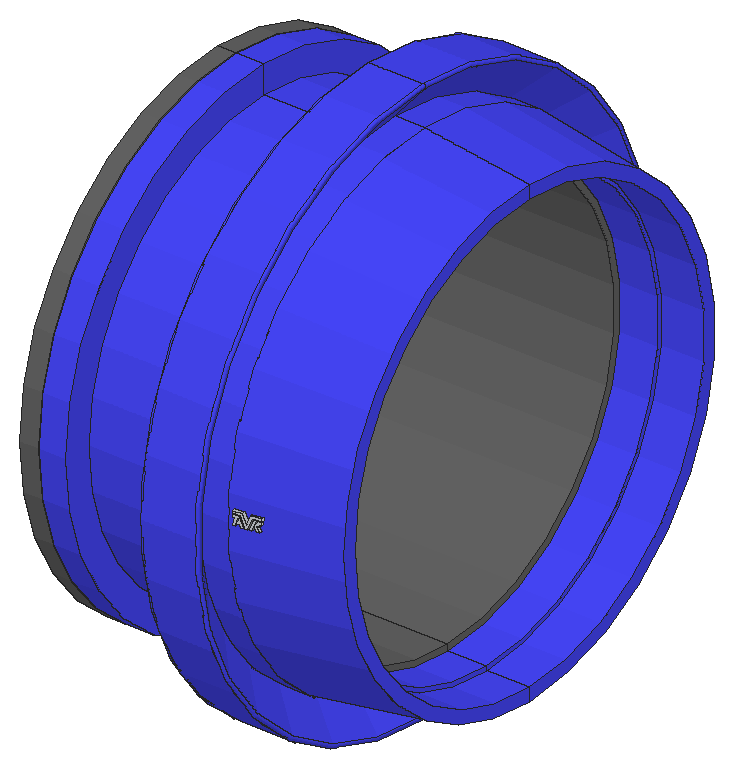
Revit family "05-26-001-DN50-300", category Pipe Accessories, Revit 2022
Family settings
  Round Connector Dimension = Use Diameter
  Part Type = Valve - Breaks Into
  Work Plane-Based = No
  Always vertical = Yes
  Cut with Voids When Loaded = No
  Shared = No
Parameters (values of type "DN300_ PN10")
  Thickness1 = size_lookup(Search_table, "Thickness1", 0 mm, DN)  # 45 mm
  Search_table = "05-26-001-DN50-300"
  L9 = size_lookup(Search_table, "L9", 0 mm, DN)  # 162 mm
  L4 = 0 mm
  L2 = L * 1.5  # 190.5 mm
  L1 = L9 * 1.3  # 210.6 mm
  L/2 = L / 2  # 63.5 mm
  L = size_lookup(Search_table, "L", 0 mm, DN)  # 127 mm
  Thickness = size_lookup(Search_table, "Thickness", 0 mm, DN)  # 36 mm
  Flange_H = (D - Dd) * 0.15  # 8.925 mm
  FL_T = Thickness1 / 2  # 22.5 mm
  Epdm = Thickness * 0.4  # 14.4 mm
  Dd = size_lookup(Search_table, "Dd", 0 mm, DN) / 2  # 163 mm
  DN050_ PN10/16 = "05-066-26-0502104"
  DN080_ PN10/16 = "05-098-26-0802104"
  DN065_ PN10/16 = "05-082-26-0652104"
  DN060_ PN10/16 = "05-077-26-0602204"
  Description_ = "AVK COMBI-FLANGE FOR D.I. PIPES, PN 10/16"
  Default Elevation = 0 mm
  DN300_ PN16 = "05-326-26-3004404"
  DN300_ PN10 = "05-326-26-3002404"
  DN250_ PN16 = "05-274-26-2504404"
  DN250_ PN10 = "05-274-26-2502404"
  DN200_ PN16 = "05-222-26-2004404"
  DN200_ PN10 = "05-222-26-2002404"
  DN150_ PN10/16 = "05-170-26-1502104"
  DN125_ PN10/16 = "05-144-26-1252104"
  DN100_ PN10/16 = "05-118-26-1002104"
  DN = 300 mm
  URL_product_pages = "https://www.avkvalves.com/P.aspx?no=05066260502104"
  8 = 10 mm  # constant formula
  5 = 5 mm  # constant formula
  1 = 1 mm  # constant formula
  (D-Dd)1 = (D - Dd) * 0.35  # 20.825 mm
  D = size_lookup(Search_table, "D", 0 mm, DN) / 2  # 222.5 mm
  Bore = size_lookup(Search_table, "Bore", 0 mm, DN)  # 150 mm
  3 = 3 mm  # constant formula
Types (14, lengths in mm): name | Thickness1 | L9 | L2 | L1 | L/2 | L | Thickness | Flange_H | FL_T | Epdm | Dd | DN | (D-Dd)1 | D | Bore
  (no name) | 45 | 162 | 190.5 | 210.6 | 63.5 | 127 | 36 | 8.925 | 22.5 | 14.4 | 163 | 300 | 20.825 | 222.5 | 150
  DN050_ PN10/16 | 20 | 48 | 72 | 62.4 | 24 | 48 | 12 | 7.425 | 10 | 4.8 | 33 | 50 | 17.325 | 82.5 | 25
  DN060_ PN10/16 | 22 | 57 | 72 | 74.1 | 24 | 48 | 14 | 7.35 | 11 | 5.6 | 38.5 | 60 | 17.15 | 87.5 | 30
  DN065_ PN10/16 | 23 | 54 | 75 | 70.2 | 25 | 50 | 14 | 7.725 | 11.5 | 5.6 | 41 | 65 | 18.025 | 92.5 | 32.5
  DN080_ PN10/16 | 24 | 47 | 81 | 61.1 | 27 | 54 | 12 | 7.65 | 12 | 4.8 | 49 | 80 | 17.85 | 100 | 40
  DN100_ PN10/16 | 25 | 47 | 100.5 | 61.1 | 33.5 | 67 | 12 | 7.65 | 12.5 | 4.8 | 59 | 100 | 17.85 | 110 | 50
  DN125_ PN10/16 | 26 | 68 | 114 | 88.4 | 38 | 76 | 18 | 7.95 | 13 | 7.2 | 72 | 125 | 18.55 | 125 | 62.5
  DN150_ PN10/16 | 27 | 67 | 109.5 | 87.1 | 36.5 | 73 | 18 | 8.625 | 13.5 | 7.2 | 85 | 150 | 20.125 | 142.5 | 75
  DN200_ PN10 | 32 | 62 | 130.5 | 80.6 | 43.5 | 87 | 18 | 8.85 | 16 | 7.2 | 111 | 200 | 20.65 | 170 | 100
  DN200_ PN16 | 32 | 68 | 130.5 | 88.4 | 43.5 | 87 | 18 | 8.85 | 16 | 7.2 | 111 | 200.1 | 20.65 | 170 | 100
  DN250_ PN10 | 40 | 158 | 181.5 | 205.4 | 60.5 | 121 | 25 | 9.075 | 20 | 10 | 137 | 250 | 21.175 | 197.5 | 125
  DN250_ PN16 | 40 | 158 | 184.5 | 205.4 | 61.5 | 123 | 25 | 9.825 | 20 | 10 | 137 | 250.1 | 22.925 | 202.5 | 125
  DN300_ PN10 | 45 | 162 | 190.5 | 210.6 | 63.5 | 127 | 36 | 8.925 | 22.5 | 14.4 | 163 | 300 | 20.825 | 222.5 | 150
  DN300_ PN16 | 45 | 162 | 190.5 | 210.6 | 63.5 | 127 | 36 | 10.05 | 22.5 | 14.4 | 163 | 300.1 | 23.45 | 230 | 150
Reference planes
  plane 1 "Center (Front/Back)": y = 0
  plane 2: z = 0
  plane 3 "Center (Left/Right)": x = 0
  plane 4: z = 222.5
  plane 5: z = -222.5
  plane 6: x = -117
  plane 7: x = 127
  plane 8: z = 150
  plane 9: z = -150
  plane 10: y = 222.5
  plane 11: y = -222.5
  plane 12: y = 163
  plane 13: y = -163
  plane 14: z = 163
  plane 15: z = -163
  plane 16: z = 183.825
  plane 17: z = 192.75
  plane 18: z = 183.825
  plane 19: x = 45
  plane 20: z = 132.65
  plane 21: z = 184.825
  plane 22: z = 168
  plane 23: z = 168
  plane 24: z = 171
Forms (mm)
  Revolve 1, solid, material "Default"
    sketch origin (0, 0, 0) x (1, 0, 0) y (0, 0, 1)
      loop
        line (-117, 192.75) -> (-117, 163) -> (63.5, 163) -> (63.5, 168) -> (-102.6, 168) -> (-102.6, 192.75) -> (-117, 192.75)
      axis (-117, 0) -> (63.5, 0)
    angle from 0 to 360
  Revolve 2, solid, material "Default Wall"
    sketch origin (0, 0, 0) x (1, 0, 0) y (0, 0, 1)
      loop
        line (-102.6, 192.75) -> (-102.6, 168) -> (93.6, 168) -> (93.6, 171) -> (-81, 171) -> (-81, 192.75) -> (-102.6, 192.75)
      axis (-102.6, 0) -> (93.6, 0)
    angle from 0 to 360
  Revolve 3, solid, material "Default Wall"
    sketch origin (0, 0, 0) x (1, 0, 0) y (0, 0, 1)
      loop
        arc (1.502, 222.5) -> (0.001, 221.049) -> (1.4, 219.5) r 1.502
        line (1.4, 219.5) -> (6.472, 219.5)
        arc (6.472, 219.5) -> (21.011, 210.217) -> (18.71, 193.121) r 16.028
        line (18.71, 193.121) -> (0, 171) -> (3, 171) -> (45, 219.277)
        arc (45, 219.277) -> (45.303, 221.361) -> (43.532, 222.5) r 1.946
        line (43.532, 222.5) -> (1.502, 222.5)
      axis (0, 0) -> (45, 0)
    angle from 0 to 360
  Revolve 4, solid, material "Default Wall"
    sketch origin (0, 0, 0) x (1, 0, 0) y (0, 0, 1)
      loop
        arc (10.7, 192.4) -> (0, 181.7) -> (10.7, 171) r 10.7
        line (10.7, 171) -> (127, 171) -> (127, 181) -> (45, 192.4) -> (10.7, 192.4)
      axis (10.7, 0) -> (127, 0)
    angle from 0 to 360
Dimensions and locks
  equal spacing: plane 4, level, plane 5
  equal spacing: plane 8, level, plane 9
  equal spacing: plane 10, plane 1 "Center (Front/Back)", plane 11
  equal spacing: plane 12, plane 1 "Center (Front/Back)", plane 13
  "Bore": plane 8 to level
  "D": plane 4 to level
  equal spacing: plane 14, level, plane 15
  "Dd": plane 14 to level
  "L": plane 7 to plane 3 "Center (Left/Right)"
  "D": plane 1 "Center (Front/Back)" to plane 11
  "Dd": plane 1 "Center (Front/Back)" to plane 13
  "Epdm": Revolve 1 sketch curve to plane 6
  "(D-Dd)1": plane 16 to plane 14
  "Flange_H": Revolve 1 sketch curve to plane 16
  "Flange_H": plane 17 to plane 16
  "Epdm": Revolve 2 sketch curve to plane 6
  "(D-Dd)1": plane 18 to plane 14
  "Thickness": Revolve 2 to plane 6
  "Flange_H": Revolve 2 sketch curve to plane 18
  "L1": Revolve 2 sketch curve to plane 6
  "Thickness1": plane 19 to plane 3 "Center (Left/Right)"
  "L9": plane 19 to plane 6
  "L/2": plane 7 to Revolve 1 sketch curve
  "1": plane 21 to plane 18
  "Dd": Revolve 1 sketch curve to level
  "5": Revolve 1 sketch curve to plane 14
  "5": plane 22 to plane 14
  "3": Revolve 2 sketch curve to plane 22
  "5": plane 23 to plane 14
  "3": plane 24 to plane 23
  "L": plane 7 to Revolve 4 sketch curve
  "Thickness1": Revolve 3 sketch curve to plane 3 "Center (Left/Right)"
  "Thickness1": plane 19 to Revolve 3 sketch curve  (x2)
  "3": Revolve 3 sketch curve to plane 3 "Center (Left/Right)"
  "3": plane 4 to Revolve 3 sketch curve
  "FL_T": Revolve 3 sketch curve to plane 3 "Center (Left/Right)"
  plane 4 to plane 5 = 445 mm
  plane 19 to plane 6 = 162 mm
  plane 7 to plane 3 "Center (Left/Right)" = 127 mm
  plane 14 to plane 15 = 326 mm
  "8": Revolve 4 sketch curve to plane 24
  "Thickness1": Revolve 4 sketch curve to plane 3 "Center (Left/Right)"
  aligned and locked: level to plane 2
  aligned and locked: Revolve 1 sketch curve to level
  aligned and locked: Revolve 1 sketch curve to plane 6
  aligned and locked: Revolve 2 sketch curve to level
  aligned and locked: Revolve 3 sketch curve to plane 4
  aligned and locked: Revolve 3 sketch curve to level
  aligned and locked: Revolve 4 sketch curve to level
  aligned and locked: plane 22 to Revolve 2 sketch curve
  aligned and locked: plane 24 to Revolve 4 sketch curve
  aligned and locked: Revolve 3 sketch curve to plane 24
  aligned and locked: Revolve 4 sketch curve to plane 7
Automatic sketch dimensions
  plane 6 to Revolve 1 sketch curve = 9.387 mm
  Revolve 1 sketch curve to plane 7 = 10.153 mm
  Revolve 2 sketch curve to Revolve 2 sketch curve = 21.6 mm
  Revolve 2 sketch curve to plane 6 = 64.996 mm
  plane 3 "Center (Left/Right)" to Revolve 2 sketch curve = 3.004 mm
  plane 3 "Center (Left/Right)" to Revolve 3 sketch curve = 1.4 mm
  Revolve 3 sketch curve to Revolve 3 sketch curve = 5.072 mm
  Revolve 3 sketch curve to plane 19 = 1.468 mm
  Revolve 3 sketch curve to plane 6 = 29.826 mm
  Revolve 3 sketch curve to Revolve 3 sketch curve = 60 mm
  Revolve 4 sketch curve to plane 18 = 2.125 mm
  Revolve 4 sketch curve to plane 6 = 26.298 mm
  Revolve 4 sketch curve to Revolve 4 sketch curve = 40 mm
Nested families
  nested 1: "Avk logo smaller1" at (59.443, -190.308, 5.673) x (0.9905, 0.1376, -0.0041) z (0.1377, -0.99, 0.0295), type "Avk logo smaller1"
Connectors
  piping at (-117, 0, 0), diameter 300, driven by "DN"
    settings: on Revolve 1, index 1, connector inside diameter 609.6 mm, connector length 0 mm, flow factor 0, pipe flow 0.0 L/s, pressure drop 0.0 Pa, fitting loss kfactor 0, connector angle 0.00°, fixture units 0, engagement length 0 mm, angle of deflection 0.00°, flow configuration 0, flow direction 0, fitting loss method 0, system type 7, joint type 0, gender type 0, connector reference index -1, connector utility 0, adjustable connector no, is connector primary yes, connector description ""
  piping at (127, 0, 0), diameter 300, driven by "DN"
    settings: on Revolve 4, index 2, connector inside diameter 609.6 mm, connector length 0 mm, flow factor 0, pipe flow 0.0 L/s, pressure drop 0.0 Pa, fitting loss kfactor 0, connector angle 0.00°, fixture units 0, engagement length 0 mm, angle of deflection 0.00°, flow configuration 0, flow direction 0, fitting loss method 0, system type 7, joint type 0, gender type 0, connector reference index -1, connector utility 0, adjustable connector no, is connector primary no, connector description ""
Definition of nested family "Avk logo smaller1"
  Parameters (values of type "Avk logo smaller1")
    Default Elevation = 10 mm  # constant formula
    5 = 5 mm  # constant formula
    10 = 10 mm  # constant formula
    1 = 1 mm  # constant formula
  Reference planes
    plane 1 "Center (Front/Back)": y = 0
    plane 2: z = 0
    plane 3 "Center (Left/Right)": x = 0
    plane 4: z = -5
    plane 5: y = 5
    plane 6: x = 10
    plane 7: x = -10
    plane 8: y = -5
  Forms (mm)
    Extrusion 1, solid
      sketch origin (0, 0, 0) x (1, 0, 0) y (0, 1, 0)
        loop
          line (-26.697, 30) -> (-26.697, -20.859) -> (26.519, -20.859) -> (26.519, 30) -> (-26.697, 30)
      from 0 to -13.628
    Extrusion 2, solid
      sketch origin (0.726, 0, 0) x (1, 0, 0) y (0, 1, 0)
        loop
          line (-10.726, 5) -> (-10.726, 3.049) -> (-4.87, 3.049) -> (-1.624, -5) -> (0.402, -5) -> (3.491, 3.049) -> (9.911, 3.049) -> (9.911, 5) -> (1.941, 5) -> (-0.627, -1.891) -> (-3.272, 5) -> (-10.726, 5)
        loop
          line (-10.726, 2.311) -> (-10.726, 0.229) -> (-8.927, 0.229) -> (-10.658, -5) -> (-8.613, -5) -> (-8.045, -3.593) -> (-5.189, -3.593) -> (-4.46, -5) -> (-2.401, -5) -> (-5.284, 2.311) -> (-10.726, 2.311)
        loop
          line (-7.637, -1.797) -> (-5.952, -1.797) -> (-6.807, 0.432) -> (-7.637, -1.797)
        loop
          line (1.381, -5) -> (3.416, -5) -> (4.458, -2.017) -> (6.333, -5) -> (8.907, -5) -> (6.715, -1.581)
          arc (6.715, -1.581) -> (8.018, -0.944) -> (8.873, 0.229) r 3.014
          line (8.873, 0.229) -> (9.911, 0.229) -> (9.911, 2.311) -> (7.594, 2.311)
          arc (7.594, 2.311) -> (6.805, 0.579) -> (5.137, -0.337) r 3.018
          line (5.137, -0.337) -> (6.207, 2.311) -> (4.172, 2.311) -> (1.381, -5)
      from 0 to 2
  Dimensions and locks
    "5": level to plane 4
    equal spacing: plane 8, plane 1 "Center (Front/Back)", plane 5
    equal spacing: plane 7, plane 3 "Center (Left/Right)", plane 6
    "5": plane 1 "Center (Front/Back)" to plane 5
    "10": plane 7 to plane 3 "Center (Left/Right)"
    aligned and locked: plane 2 to Extrusion 1
    aligned and locked: level to Extrusion 1
    aligned and locked: Extrusion 2 sketch curve to Extrusion 2 sketch curve  (x10)
    aligned and locked: Extrusion 2 to plane 8
    aligned and locked: plane 5 to Extrusion 2
    aligned and locked: Extrusion 2 to plane 7
  Automatic sketch dimensions
    Extrusion 1 sketch curve to Extrusion 1 sketch curve = 53.215 mm
    Extrusion 1 sketch curve to Extrusion 1 sketch curve = 50.859 mm
    Extrusion 2 sketch curve to plane 5 = 0 mm
    Extrusion 2 sketch curve to plane 7 = 0 mm
    Extrusion 2 sketch curve to plane 8 = 0 mm
    plane 7 to Extrusion 2 sketch curve = 0.068 mm
    Extrusion 2 sketch curve to plane 1 "Center (Front/Back)" = 0.229 mm  (x2)
    plane 7 to Extrusion 2 sketch curve = 1.798 mm
    Extrusion 2 sketch curve to Extrusion 2 sketch curve = 2.044 mm
    Extrusion 2 sketch curve to Extrusion 2 sketch curve = 0.569 mm
    Extrusion 2 sketch curve to Extrusion 2 sketch curve = 0.407 mm
    Extrusion 2 sketch curve to plane 1 "Center (Front/Back)" = 0.432 mm
    Extrusion 2 sketch curve to Extrusion 2 sketch curve = 2.12 mm
    plane 1 "Center (Front/Back)" to Extrusion 2 sketch curve = 1.797 mm
    Extrusion 2 sketch curve to Extrusion 2 sketch curve = 1.686 mm
    Extrusion 2 sketch curve to Extrusion 2 sketch curve = 1.523 mm
    plane 8 to Extrusion 2 sketch curve = 1.407 mm
    Extrusion 2 sketch curve to Extrusion 2 sketch curve = 0.762 mm
    Extrusion 2 sketch curve to plane 5 = 1.951 mm
    Extrusion 2 sketch curve to Extrusion 2 sketch curve = 0.414 mm
    Extrusion 2 sketch curve to Extrusion 2 sketch curve = 0.73 mm
    Extrusion 2 sketch curve to Extrusion 2 sketch curve = 1.599 mm
    Extrusion 2 sketch curve to plane 3 "Center (Left/Right)" = 1.676 mm
    Extrusion 2 sketch curve to Extrusion 2 sketch curve = 0.777 mm
    plane 3 "Center (Left/Right)" to Extrusion 2 sketch curve = 0.099 mm
    plane 3 "Center (Left/Right)" to Extrusion 2 sketch curve = 1.127 mm
    Extrusion 2 sketch curve to Extrusion 2 sketch curve = 0.979 mm
    plane 3 "Center (Left/Right)" to Extrusion 2 sketch curve = 2.666 mm
    Extrusion 2 sketch curve to Extrusion 2 sketch curve = 2.035 mm
    Extrusion 2 sketch curve to Extrusion 2 sketch curve = 1.551 mm
    Extrusion 2 sketch curve to plane 1 "Center (Front/Back)" = 2.311 mm
    Extrusion 2 sketch curve to Extrusion 2 sketch curve = 0.681 mm
    plane 1 "Center (Front/Back)" to Extrusion 2 sketch curve = 2.017 mm
    Extrusion 2 sketch curve to Extrusion 2 sketch curve = 1.043 mm
    Extrusion 2 sketch curve to Extrusion 2 sketch curve = 0.42 mm
    plane 1 "Center (Front/Back)" to Extrusion 2 sketch curve = 0.337 mm
    Extrusion 2 sketch curve to Extrusion 2 sketch curve = 0.679 mm
    Extrusion 2 sketch curve to Extrusion 2 sketch curve = 0.944 mm
    Extrusion 2 sketch curve to Extrusion 2 sketch curve = 0.126 mm
    Extrusion 2 sketch curve to Extrusion 2 sketch curve = 2.917 mm
    plane 1 "Center (Front/Back)" to Extrusion 2 sketch curve = 1.581 mm
    Extrusion 2 sketch curve to Extrusion 2 sketch curve = 1.578 mm
    Extrusion 2 sketch curve to Extrusion 2 sketch curve = 1.386 mm
    Extrusion 2 sketch curve to plane 6 = 0.402 mm
    Extrusion 2 sketch curve to plane 6 = 0.368 mm
    plane 6 to Extrusion 2 sketch curve = 0.637 mm
    plane 1 "Center (Front/Back)" to Extrusion 2 sketch curve = 1.891 mm
